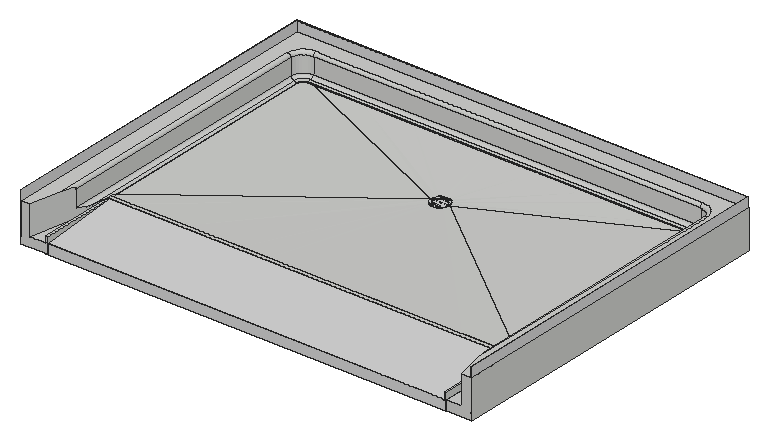
Revit family "Shower_Bases-Acorn-SBADAR-6438-3F", category Plumbing Fixtures, host Face, Revit 2019
Family settings
  Host = Face
  Round Connector Dimension = Use Diameter
  Part Type = Normal
  OmniClass Number = 23.45.05.14.17
  OmniClass Title = Showers
  Cut with Voids When Loaded = No
  Shared = Yes
  Room Calculation Point = No
Parameters (values of type "SBADAR-6438-3F")
  Width = 70"
  Waste Connection Radius = 1"
  Waste Connection Diameter = Waste Connection Radius * 2  # 2"
  Waste Connection = yes
  WFU = 3
  Vent Connection = no
  URL = "https://www.acorneng.com/"
  Type Comments = "Provide and install an ACORN Shower Base With ADA Compliant Ramp"
  Ramp - Finish = Steel-Acorn-Stainless Steel
  Product Page URL = "https://www.acorneng.com/product.aspx?ProductId=1233"
  Product Documentation Link = "https://www.acorneng.com/uploads/fileLibrary/sbadar.pdf"
  Price = "Prices may vary. Please consult Manufacturer Representative for most up-to-date price list."  # constant formula
  Model = "SBADAR-6438-3F"
  Material = "Precast Terrazzo-Acorn-Terrazzo-Ware"
  Manufacturer = "Acorn"
  Length = 53 5/8"
  KDG2 Rubber Drain Gasket for 2" Waste Pipe = no
  Installation Type = "Floor Mounted"
  Height = 7 1/2"
  HWFU = 1.5
  HW Connection = no
  Finish = Precast Terrazzo-Acorn-Terrazzo-Ware
  Description = "64\" x 38\" ID Terrazzo ADA Shower Base w/ Ramp"
  Default Elevation = 0"
  DIM B = 38"
  DIM E = 16"
  DIM D = 53 5/8"
  DIM C = 70"
  DIM A = 64"
  Creation Date = "02/24/2023"  # constant formula
  CWFU = 1.5
  CW Connection = no
  Bowl Shape = "Rectangular"
  Assembly Code = "D2010710"
  ADA Compliant = yes
  -VRS Vandal Resistant Strainer = no
  -OC Optional Colors (contact factory) = no
Reference planes (in)
  plane 1 "Center (Front/Back)": y = 0
  plane 2: z = 0
  plane 3 "Center (Left/Right)": x = 0
  plane 4: x = -32
  plane 5: x = 32
  plane 6: y = -41.625
  plane 7: x = -35
  plane 8: x = 35
  plane 9: y = -53.625
  plane 10: y = -16
  plane 11: z = 5
  plane 12: z = 6.5
  plane 13: z = 0.5
  plane 14: z = -1
  plane 15: z = 1.25
  plane 16: y = -3
  plane 17: z = 1.5
  plane 18: y = -41
  plane 19: z = -1.5
Forms (in)
  Sweep 1, solid, material "Precast Terrazzo-Acorn-Terrazzo-Ware" <- "Finish"
    path origin (0, 0, 0) x (1, 0, 0) y (0, 1, 0)
      loop
        line (-32, -53.625) -> (-32, -5)
        arc (-32, -5) -> (-31.41421, -3.58579) -> (-30, -3) r 2
        line (-30, -3) -> (30, -3)
        arc (30, -3) -> (31.41421, -3.58579) -> (32, -5) r 2
        line (32, -5) -> (32, -53.625)
    profile origin (0, -3, 0) x (0, 1, 0) y (0, 0, 1)
      loop
        line (1.47165, -1) -> (1.47165, 5) -> (0.5, 5)
        arc (0.5, 5) -> (0.14645, 4.85355) -> (0, 4.5) r 0.5
        line (0, 4.5) -> (0, 2.0003)
        arc (0, 2.0003) -> (-0.14033, 1.65298) -> (-0.48255, 1.50061) r 0.5
        line (-0.48255, 1.50061) -> (-1.20338, 1.47544) -> (-1.20338, -1) -> (1.47165, -1)
  Extrusion 2, solid, material "Precast Terrazzo-Acorn-Terrazzo-Ware" <- "Finish"
    sketch origin (0, 0, 0) x (1, 0, 0) y (0, 1, 0)
      loop
        arc (-33.47165, -5) -> (-32.45483, -2.54517) -> (-30, -1.52835) r 3.47165
        line (-30, -1.52835) -> (30, -1.52835)
        arc (30, -1.52835) -> (32.45483, -2.54517) -> (33.47165, -5) r 3.47165
        line (33.47165, -5) -> (33.47165, -53.625) -> (35, -53.625) -> (35, 0) -> (-35, 0) -> (-35, -53.625) -> (-33.47165, -53.625) -> (-33.47165, -5)
    from -1 to 5
  Extrusion 3, solid, material "Precast Terrazzo-Acorn-Terrazzo-Ware" <- "Finish"
    sketch origin (0, 0, 0) x (1, 0, 0) y (0, 1, 0)
      loop
        line (-31, -5) -> (-31, -41.625) -> (31, -41.625) -> (31, -5)
        arc (31, -5) -> (30.70711, -4.29289) -> (30, -4) r 1
        line (30, -4) -> (-30, -4)
        arc (-30, -4) -> (-30.70711, -4.29289) -> (-31, -5) r 1
    from -1 to 1.5
  Blend 4, void
    base sketch origin (0, 0, 0) x (1, 0, 0) y (0, 1, 0)
      loop
        line (32, -41) -> (32, -3) -> (-32, -3) -> (-32, -41) -> (32, -41)
    top sketch origin (0, 0, 0) x (1, 0, 0) y (0, 1, 0)
      loop
        circle (0, -16) r 1.5
    from 1.5 to 0.5
  Extrusion 5, solid, material "Steel-Acorn-Stainless Steel" <- "Ramp - Finish"
    sketch origin (0, 0, 0) x (0, 1, 0) y (0, 0, 1)
      loop
        line (-41.625, 1.5) -> (-53.56827, 0.50526)
        arc (-53.56827, 0.50526) -> (-53.60869, 0.48513) -> (-53.625, 0.44303) r 0.0625
        line (-53.625, 0.44303) -> (-53.625, -1) -> (-41.625, -1) -> (-41.625, 1.5)
    from -31 to 31
  Extrusion 6, void
    sketch origin (0, 0, 0) x (1, 0, 0) y (0, 1, 0)
      loop
        line (-31, -41.625) -> (-33.47165, -53.625) -> (-31, -56.09665) -> (-31, -41.625)
      loop
        line (31, -41.625) -> (31, -56.09665) -> (33.47165, -53.625) -> (31, -41.625)
    from 0.5 to 12
  Sweep 7, solid, material "Steel-Acorn-Stainless Steel" <- "Ramp - Finish"
    path origin (0, 0, 0) x (1, 0, 0) y (0, 1, 0)
      loop
        line (35, -53.625) -> (35, 0) -> (-35, 0) -> (-35, -53.625)
    profile origin (0, 0, 0) x (0, -1, 0) y (0, 0, 1)
      loop
        line (0, 0) -> (0.0625, 0) -> (0.0625, 6.5) -> (0, 6.5) -> (0, 0)
  Extrusion 8, void
    sketch origin (0, 0, 0) x (1, 0, 0) y (0, 1, 0)
      loop
        circle (0, -16) r 1
    from -1.5 to 0.93034
  Extrusion 9, solid, material "Steel-Acorn-Stainless Steel" <- "Ramp - Finish"
    sketch origin (0, 0, 0) x (1, 0, 0) y (0, 1, 0)
      loop
        circle (0, -16) r 1.39572
      loop
        arc (-0.65767, -14.82962) -> (-0.74286, -14.91481) -> (-0.65767, -15) r 0.08519
        line (-0.65767, -15) -> (0.65767, -15)
        arc (0.65767, -15) -> (0.74286, -14.91481) -> (0.65767, -14.82962) r 0.08519
        line (0.65767, -14.82962) -> (-0.65767, -14.82962)
      loop
        line (-0.65767, -17.17038) -> (0.65767, -17.17038)
        arc (0.65767, -17.17038) -> (0.74286, -17.08519) -> (0.65767, -17) r 0.08519
        line (0.65767, -17) -> (-0.65767, -17)
        arc (-0.65767, -17) -> (-0.74286, -17.08519) -> (-0.65767, -17.17038) r 0.08519
      loop
        line (0.22459, -16.08087) -> (1.25087, -16.08087)
        arc (1.25087, -16.08087) -> (1.33606, -15.99569) -> (1.25087, -15.9105) r 0.08519
        line (1.25087, -15.9105) -> (0.22459, -15.9105)
        arc (0.22459, -15.9105) -> (0.1394, -15.99569) -> (0.22459, -16.08087) r 0.08519
      loop
        arc (-0.22459, -16.08087) -> (-0.1394, -15.99569) -> (-0.22459, -15.9105) r 0.08519
        line (-0.22459, -15.9105) -> (-1.25087, -15.9105)
        arc (-1.25087, -15.9105) -> (-1.33606, -15.99569) -> (-1.25087, -16.08087) r 0.08519
        line (-1.25087, -16.08087) -> (-0.22459, -16.08087)
      loop
        arc (0.51314, -15.34314) -> (0.59833, -15.25795) -> (0.51314, -15.17276) r 0.08519
        line (0.51314, -15.17276) -> (-0.51314, -15.17276)
        arc (-0.51314, -15.17276) -> (-0.59833, -15.25795) -> (-0.51314, -15.34314) r 0.08519
        line (-0.51314, -15.34314) -> (0.51314, -15.34314)
      loop
        line (0.51314, -16.65686) -> (-0.51314, -16.65686)
        arc (-0.51314, -16.65686) -> (-0.59833, -16.74205) -> (-0.51314, -16.82724) r 0.08519
        line (-0.51314, -16.82724) -> (0.51314, -16.82724)
        arc (0.51314, -16.82724) -> (0.59833, -16.74205) -> (0.51314, -16.65686) r 0.08519
    from 0.25161 to 0.5
  Revolve 10, solid, material "Precast Terrazzo-Acorn-Terrazzo-Ware" <- "Finish"
    sketch origin (0, 0, 0) x (0, 1, 0) y (0, 0, 1)
      loop
        line (-16, -1.5) -> (-14.84921, -1.5) -> (-14.60428, 0.25161) -> (-16, 0.25161) -> (-16, -1.5)
      axis (-16, 0.25161) -> (-16, -1.5)
    angle from 0 to 360
Cuts and joins
  Extrusion 6, Extrusion 8 cuts Sweep 1
  Extrusion 6, Extrusion 8 cuts Extrusion 2
  Blend 4, Extrusion 6, Extrusion 8 cuts Extrusion 3
  joined: Sweep 1, Extrusion 2, Extrusion 3, Revolve 10
  Extrusion 8 cuts Sweep 7
Lines and regions (in)
  Masking region 1
    outline origin (0, 0, 0) x (1, 0, 0) y (0, 1, 0)
      loop
        line (-35, 0) -> (-35, -53.625) -> (34.9375, -53.625) -> (34.9375, 0) -> (-35, 0)
  symbolic lines, detail levels medium+fine
    curve 1: line (-29.79662, -4.20338, 0) -> (29.79662, -4.20338, 0)
    curve 2: line (-30.79662, -53.625, 0) -> (-30.79662, -5.20338, 0)
    curve 3: arc (-30.79662, -5.20338, 0) -> (-30.50373, -4.49627, 0) -> (-29.79662, -4.20338, 0) r 1
    curve 4: arc (29.79662, -4.20338, 0) -> (30.50373, -4.49627, 0) -> (30.79662, -5.20338, 0) r 1
    curve 5: line (30.79662, -5.20338, 0) -> (30.79662, -53.625, 0)
    curve 6: line (33.47165, -53.625, 0) -> (30.79662, -41.625, 0)
    curve 7: line (30.79662, -41.625, 0) -> (-30.79662, -41.625, 0)
    curve 8: line (-30.79662, -41.625, 0) -> (-33.47165, -53.625, 0)
    curve 9: line (30.79662, -41, 0) -> (-30.79662, -41, 0)
    curve 10: line (1.5, -16, 0) -> (30.79662, -40.18033, 0)
    curve 11: line (-30.79662, -40.18033, 0) -> (-1.5, -16, 0)
    curve 12: line (-1.5, -16, 0) -> (-29.45046, -4.20338, 0)
    curve 13: line (1.5, -16, 0) -> (29.45046, -4.20338, 0)
    curve 14: arc (1.39572, -16, 0) -> (0, -14.60428, 0) -> (-1.39572, -16, 0) r 1.39572
    curve 15: arc (1.5, -16, 0) -> (0, -14.5, 0) -> (-1.5, -16, 0) r 1.5
    curve 16: arc (-1.5, -16, 0) -> (0, -17.5, 0) -> (1.5, -16, 0) r 1.5
    curve 17: arc (-1.39572, -16, 0) -> (0, -17.39572, 0) -> (1.39572, -16, 0) r 1.39572
    curve 18: line (0.65767, -17.17038, 0) -> (-0.65767, -17.17038, 0)
    curve 19: arc (0.65767, -17, 0) -> (0.74286, -17.08519, 0) -> (0.65767, -17.17038, 0) r 0.08519
    curve 20: line (-0.65767, -17, 0) -> (0.65767, -17, 0)
    curve 21: arc (-0.65767, -17.17038, 0) -> (-0.74286, -17.08519, 0) -> (-0.65767, -17, 0) r 0.08519
    curve 22: line (0.51314, -16.82724, 0) -> (-0.51314, -16.82724, 0)
    curve 23: arc (-0.51314, -16.82724, 0) -> (-0.59833, -16.74205, 0) -> (-0.51314, -16.65686, 0) r 0.08519
    curve 24: line (-0.51314, -16.65686, 0) -> (0.51314, -16.65686, 0)
    curve 25: arc (0.51314, -16.65686, 0) -> (0.59833, -16.74205, 0) -> (0.51314, -16.82724, 0) r 0.08519
    curve 26: line (1.25087, -16.08087, 0) -> (0.22459, -16.08087, 0)
    curve 27: arc (0.22459, -16.08087, 0) -> (0.1394, -15.99569, 0) -> (0.22459, -15.9105, 0) r 0.08519
    curve 28: line (0.22459, -15.9105, 0) -> (1.25087, -15.9105, 0)
    curve 29: arc (1.25087, -15.9105, 0) -> (1.33606, -15.99569, 0) -> (1.25087, -16.08087, 0) r 0.08519
    curve 30: line (0.51314, -15.34314, 0) -> (-0.51314, -15.34314, 0)
    curve 31: arc (0.51314, -15.17276, 0) -> (0.59833, -15.25795, 0) -> (0.51314, -15.34314, 0) r 0.08519
    curve 32: arc (-0.51314, -15.34314, 0) -> (-0.59833, -15.25795, 0) -> (-0.51314, -15.17276, 0) r 0.08519
    curve 33: line (-0.51314, -15.17276, 0) -> (0.51314, -15.17276, 0)
    curve 34: line (0.65767, -15, 0) -> (-0.65767, -15, 0)
    curve 35: arc (-0.65767, -15, 0) -> (-0.74286, -14.91481, 0) -> (-0.65767, -14.82962, 0) r 0.08519
    curve 36: line (-0.65767, -14.82962, 0) -> (0.65767, -14.82962, 0)
    curve 37: arc (0.65767, -14.82962, 0) -> (0.74286, -14.91481, 0) -> (0.65767, -15, 0) r 0.08519
    curve 38: line (-0.22459, -16.08087, 0) -> (-1.25087, -16.08087, 0)
    curve 39: arc (-1.25087, -16.08087, 0) -> (-1.33606, -15.99569, 0) -> (-1.25087, -15.9105, 0) r 0.08519
    curve 40: line (-1.25087, -15.9105, 0) -> (-0.22459, -15.9105, 0)
    curve 41: arc (-0.22459, -15.9105, 0) -> (-0.1394, -15.99569, 0) -> (-0.22459, -16.08087, 0) r 0.08519
    curve 42: line (32, -5.20338, 0) -> (32, -47.02329, 0)
    curve 43: line (29.79662, -3, 0) -> (-29.79662, -3, 0)
    curve 44: line (-32, -5.20338, 0) -> (-32, -47.02329, 0)
    curve 45: arc (-32, -5.20338, 0) -> (-31.35464, -3.64536, 0) -> (-29.79662, -3, 0) r 2.20338
    curve 46: arc (32, -5.20338, 0) -> (31.35464, -3.64536, 0) -> (29.79662, -3, 0) r 2.20338
Dimensions and locks (in)
  "DIM D": plane 9 to plane 1 "Center (Front/Back)"
  "DIM E": plane 10 to plane 1 "Center (Front/Back)"
  equal spacing: plane 4, plane 3 "Center (Left/Right)", plane 5
  "DIM A": plane 4 to plane 5
  plane 7 to plane 3 "Center (Left/Right)" to plane 8 = 35", 35"
  "DIM C": plane 7 to plane 8
  plane 9 to plane 6 = 12"
  plane 16 to plane 1 "Center (Front/Back)" = 3"
  "DIM B": plane 18 to plane 16
  plane 1 "Center (Front/Back)" to plane 16 = 3"
  plane 11 to plane 14 = 6"
  plane 12 to plane 11 = 1 1/2"
  plane 14 to plane 19 = 1/2"
  plane 13 to plane 14 = 1 1/2"  (x2)
  plane 17 to host face = 1 1/2"  (x2)
  plane 13 to host face = 1/2"
  aligned and locked: plane 2 to host face
  aligned and locked: level to host face
  aligned and locked: cut or joined group of Sweep 1, Extrusion 2, Extrusion 3, Blend 4, Extrusion 6, Extrusion 8, Revolve 10 to curve 1
  aligned and locked: curve 2 to cut or joined group of Sweep 1, Extrusion 2, Extrusion 3, Blend 4, Extrusion 6, Extrusion 8, Revolve 10
  aligned and locked: Sweep 7 sketch curve to plane 12
Automatic sketch dimensions
  host sketch curve to host sketch curve = 96"
  host sketch curve to host sketch curve = 80.51367"
  plane 1 "Center (Front/Back)" to Extrusion 2 sketch curve = 0"
  Extrusion 2 sketch curve to plane 7 = 0"
  plane 9 to Extrusion 2 sketch curve = 0"  (x2)
  Extrusion 2 sketch curve to plane 8 = 0"
  Extrusion 2 sketch curve to plane 4 = 1.47165"
  plane 4 to Extrusion 2 sketch curve = 2"
  Extrusion 2 sketch curve to plane 5 = 2"
  plane 5 to Extrusion 2 sketch curve = 1.47165"
  plane 16 to Extrusion 2 sketch curve = 2"
  Sweep 1 sketch curve to plane 4 = 0"
  plane 16 to Sweep 1 sketch curve = 0"
  Sweep 1 sketch curve to plane 5 = 0"
  plane 9 to Sweep 1 sketch curve = 0"  (x2)
  Sweep 1 sketch curve to Sweep 1 sketch curve = 2"
  Sweep 1 sketch curve to plane 5 = 2"
  plane 6 to Extrusion 3 sketch curve = 0"
  plane 16 to Extrusion 3 sketch curve = 1"
  Extrusion 3 sketch curve to Extrusion 3 sketch curve = 1"  (x2)
  plane 4 to Extrusion 3 sketch curve = 1"
  Extrusion 3 sketch curve to plane 5 = 1"
  plane 9 to Extrusion 6 sketch curve = 0"  (x2)
  plane 6 to Extrusion 6 sketch curve = 0"  (x2)
  Extrusion 6 sketch curve to plane 4 = 1.47165"
  plane 4 to Extrusion 6 sketch curve = 1"
  Extrusion 6 sketch curve to plane 5 = 1"
  plane 5 to Extrusion 6 sketch curve = 1.47165"
  plane 9 to Extrusion 6 sketch curve = 2.47165"  (x2)
  Extrusion 5 sketch curve to plane 9 = 0"
  Extrusion 5 sketch curve to plane 6 = 0"
  Extrusion 5 sketch curve to plane 14 = 0"
  plane 13 to Extrusion 5 sketch curve = 0.00526"
  Extrusion 5 sketch curve to plane 9 = 0.05673"
  Extrusion 5 sketch curve to plane 13 = 0.05697"
  plane 1 "Center (Front/Back)" to Sweep 7 sketch curve = 0"
  Sweep 7 sketch curve to plane 7 = 0"
  Sweep 7 sketch curve to plane 8 = 0"
  plane 9 to Sweep 7 sketch curve = 0"  (x2)
  Extrusion 8 sketch curve to plane 3 "Center (Left/Right)" = 0"
  plane 10 to Extrusion 8 sketch curve = 0"
  Extrusion 9 sketch curve to plane 3 "Center (Left/Right)" = 0"
  plane 10 to Extrusion 9 sketch curve = 0"
  Extrusion 9 sketch curve to plane 10 = 0.00431"  (x2)
  Extrusion 9 sketch curve to plane 3 "Center (Left/Right)" = 0.22459"
  Extrusion 9 sketch curve to plane 3 "Center (Left/Right)" = 0.51314"  (x2)
  Extrusion 9 sketch curve to Extrusion 9 sketch curve = 37/256"  (x4)
  Extrusion 9 sketch curve to Extrusion 9 sketch curve = 0.73773"  (x2)
  plane 3 "Center (Left/Right)" to Extrusion 9 sketch curve = 0.22459"
  plane 3 "Center (Left/Right)" to Extrusion 9 sketch curve = 0.51314"  (x2)
  plane 10 to Extrusion 9 sketch curve = 0.08087"  (x2)
  Extrusion 9 sketch curve to Extrusion 9 sketch curve = 0.57598"
  Extrusion 9 sketch curve to Extrusion 9 sketch curve = 0.08519"  (x4)
  Extrusion 9 sketch curve to Extrusion 9 sketch curve = 0.17276"  (x2)
  Extrusion 9 sketch curve to Extrusion 9 sketch curve = 0.56735"
  Blend 4 sketch curve to plane 4 = 0"
  Blend 4 sketch curve to plane 5 = 0"
  plane 18 to Blend 4 sketch curve = 0"
  plane 16 to Blend 4 sketch curve = 0"
  Blend 4 sketch curve to plane 3 "Center (Left/Right)" = 0"
  plane 10 to Blend 4 sketch curve = 0"
  plane 17 to Extrusion 5 sketch curve = 0"
  Masking region 1 sketch curve to plane 7 = 0"
  plane 9 to Masking region 1 sketch curve = 0"
  plane 1 "Center (Front/Back)" to Masking region 1 sketch curve = 0"
  Masking region 1 sketch curve to plane 8 = 1/16"
  curve 3 to curve 45 = 0"
  curve 4 to curve 46 = 0"  (x2)
  curve 14 to curve 15 = 0"
  curve 14 to curve 16 = 0"
  plane 9 to curve 8 = 0"
  curve 44 to plane 4 = 0"
  plane 10 to curve 11 = 0"
  curve 16 to plane 3 "Center (Left/Right)" = 0"
  plane 6 to curve 6 = 0"
  plane 6 to curve 7 = 0"
  plane 18 to curve 9 = 0"
  plane 9 to curve 5 = 0"
  plane 9 to curve 6 = 0"
  plane 9 to curve 2 = 0"
  plane 6 to curve 8 = 0"
  curve 2 to curve 1 = 1"
  curve 11 to curve 14 = 1 1/2"
  curve 40 to plane 10 = 0.0895"
  curve 15 to curve 40 = 0.24913"
  curve 34 to plane 3 "Center (Left/Right)" = 0.65767"
  curve 18 to plane 3 "Center (Left/Right)" = 0.65767"
  curve 20 to curve 24 = 37/256"
  curve 34 to curve 32 = 37/256"
  plane 10 to curve 38 = 0.08087"
  curve 38 to plane 3 "Center (Left/Right)" = 0.22459"
  curve 28 to plane 10 = 0.0895"
  plane 3 "Center (Left/Right)" to curve 28 = 0.22459"
  plane 3 "Center (Left/Right)" to curve 24 = 0.51314"
  plane 3 "Center (Left/Right)" to curve 33 = 0.51314"
  curve 31 to curve 37 = 37/256"
  curve 22 to curve 18 = 37/256"
  curve 28 to curve 15 = 0.24913"
  curve 4 to curve 5 = 1"
  plane 10 to curve 18 = 1.17038"
  curve 18 to curve 19 = 0.08519"
  curve 20 to curve 22 = 0.17276"
  curve 22 to curve 23 = 0.08519"
  plane 10 to curve 26 = 0.08087"
  curve 28 to curve 30 = 0.56735"
  curve 30 to curve 32 = 0.08519"
  curve 31 to curve 34 = 0.17276"
  curve 34 to curve 37 = 0.08519"
  curve 8 to plane 4 = 1.47165"
  curve 3 to curve 12 = 0.34615"
  curve 11 to curve 17 = 0.10428"
  curve 13 to curve 4 = 0.34615"
  plane 5 to curve 6 = 1.47165"
  curve 10 to plane 18 = 0.81967"
  curve 11 to plane 18 = 0.81967"
  plane 16 to curve 46 = 0"
  curve 46 to plane 5 = 0"
  Sweep 1 sketch curve to profile plane = 0"
  Sweep 1 sketch curve to plane 15 = 0.25061"
  profile plane to Sweep 1 sketch curve = 0.48255"
  profile plane to Sweep 1 sketch curve = 1/2"
  profile plane to Sweep 1 sketch curve = 1.20338"
  Sweep 1 sketch curve to Sweep 1 sketch curve = 1/2"
  Sweep 1 sketch curve to Sweep 1 sketch curve = 0.97165"
  Sweep 1 sketch curve to plane 15 = 0.22544"
  Sweep 1 sketch curve to level = 1"
  Sweep 1 sketch curve to Sweep 1 sketch curve = 2.4997"
  Revolve 10 sketch curve to plane 10 = 0"  (x2)
  Revolve 10 sketch curve to plane 19 = 0"  (x2)
  Revolve 10 sketch curve to plane 10 = 1.15079"
  Revolve 10 sketch curve to plane 13 = 0.24839"
  Revolve 10 sketch curve to plane 10 = 1.39572"
  Revolve 10 sketch curve to Revolve 10 sketch curve = 0"
  Sweep 7 sketch curve to profile plane = 0"
  Sweep 7 sketch curve to level = 0"
  Sweep 7 sketch curve to profile plane = 1/16"
  radius of Extrusion 8 sketch curve = 1"
  radius of Extrusion 9 sketch curve = 1.39572"
  radius of Blend 4 sketch curve = 1 1/2"
Connectors (in)
  piping at (0, -16, -1.5), diameter 2, driven by "Waste Connection Diameter", driven by "WFU"
    settings: on cut or joined group of Sweep 1, Extrusion 2, Extrusion 3, Blend 4, Extrusion 6, Extrusion 8, Revolve 10, index 2, connector inside diameter 24", connector length 0", flow factor 0, pipe flow 0 GPM, pressure drop 0.00 psi, fitting loss kfactor 0, connector angle 0.00°, fixture units 3, engagement length 0", angle of deflection 0.00°, flow configuration 3, flow direction 2, fitting loss method 0, system type 16, joint type 0, gender type 0, connector reference index -1, connector utility 0, adjustable connector no, is connector primary yes, connector description "2\" Waste Water Outlet Connection"
